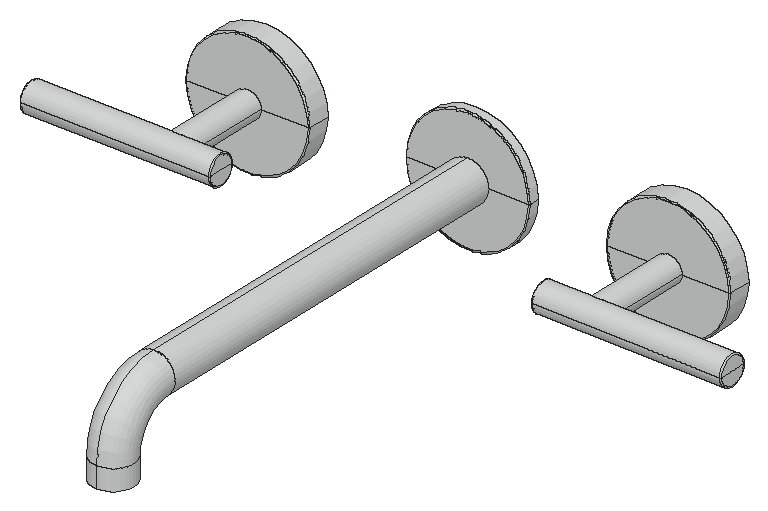
Revit family "TapSet_Wall_Nero_Mecca_BasinBath_220", category Plumbing Fixtures, Revit 2022
Family settings
  Round Connector Dimension = Use Diameter
  Part Type = Normal
  OmniClass Number = 23.31.11.19
  OmniClass Title = Faucet Mixing Valves
  Work Plane-Based = No
  Always vertical = Yes
  Cut with Voids When Loaded = Yes
  Maintain Annotation Orientation = No
  Shared = No
  Room Calculation Point = No
Parameters (values of type "Chrome (25D008CH)")
  Waste Connection = no
  WFU = 0
  Vent Connection = no
  Uniclass2015Version = "Products v1.35"
  Uniclass2015Title = "Taps and water supply outlet fittings"
  Uniclass2015Code = "Pr_40_20_87"
  URL = "https://nerotapware.com.au/"
  Type Comments = "Tap Set - Wall - Basin Bath - 220 - Chrome"
  ModifiedIssue = 20251009
  Model = "25D008CH"
  Material = Metal_Chrome_Nero
  ManufacturerURLProductSpecific = ""
  ManufacturerSpecCode = Model  # "25D008CH"
  ManufacturerOverallWidth = 340 mm  # constant formula
  ManufacturerOverallHeight = 65 mm  # constant formula
  ManufacturerOverallDepth = 230 mm  # constant formula
  Manufacturer = "Nero"
  IfcExportType = "MIXING"
  IfcExportAs = "IfcValve"
  HWFU = 0
  HW Connection = yes
  Description = "Mecca Wall Basin/Bath Set 220mm Spout Chrome"
  Default Elevation = 1050 mm
  CreatedByURL = "https://igsgroup.com.au"
  CreatedBy = "IGS BIM Solutions"  # constant formula
  CWFU = 0
  CW Connection = yes
  Assembly Code = "D2010"
Types (7, lengths in mm): name | Type Comments | Model | Material | ManufacturerSpecCode | Description
  Chrome (25D008CH) | "Tap Set - Wall - Basin Bath - 220 - Chrome" | "25D008CH" | Metal_Chrome_Nero | "25D008CH" | "Mecca Wall Basin/Bath Set 220mm Spout Chrome"
  Matte Black (25D008MB) | "Tap Set - Wall - Basin Bath - 220 - Matte Black" | "25D008MB" | Metal_MatteBlack_Nero | "25D008MB" | "Mecca Wall Basin/Bath Set 220mm Spout Matte Black"
  Brushed Nickel (25D008BN) | "Tap Set - Wall - Basin Bath - 220 - Brushed Nickel" | "25D008BN" | Metal_Nickel_Nero_Brushed | "25D008BN" | "Mecca Wall Basin/Bath Set 220mm Spout Brushed Nickel"
  Gun Metal (25D008GM) | "Tap Set - Wall - Basin Bath - 220 - Gun Metal" | "25D008GM" | Metal_GunMetal_Nero | "25D008GM" | "Mecca Wall Basin/Bath Set 220mm Spout Gun Metal"
  Brushed Gold (25D008BG) | "Tap Set - Wall - Basin Bath - 220 - Brushed Gold" | "25D008BG" | Metal_Gold_Nero_Brushed | "25D008BG" | "Mecca Wall Basin/Bath Set 220mm Spout Brushed Gold"
  Brushed Bronze (25D008BZ) | "Tap Set - Wall - Basin Bath - 220 - Brushed Bronze" | "25D008BZ" | Metal_Bronze_Nero_Brushed | "25D008BZ" | "Mecca Wall Basin/Bath Set 220mm Spout Brushed Bronze"
  Matte White (25D008MW) | "Tap Set - Wall - Basin Bath - 220 - Matte White" | "25D008MW" | Metal_MatteWhite_Nero | "25D008MW" | "Mecca Wall Basin/Bath Set 220mm Spout Matte White"
Reference planes
  plane 1 "Bottom": z = -35
  plane 2 "Center (Left/Right)": x = 0.115
  plane 3 "SpoutCenter (Top/Bottom)": z = 0
  plane 4 "Right": x = 170.115
  plane 5 "Left": x = -169.885
  plane 6 "Front": y = -159.038
  plane 7 "Back": y = 70.962
  plane 8 "Top": z = 30
Forms (mm)
  Extrusion 1, solid, material "Metal_Chrome_Nero" <- "Material"
    sketch origin (636.296, 70.962, -1185) x (1, 0, 0) y (0, 0, 1)
      loop
        circle (-534.181, 1185) r 6.35
      loop
        circle (-738.181, 1185) r 6.35
    from 0 to -1
  Extrusion 2, void
    sketch origin (636.296, 70.962, -1185) x (1, 0, 0) y (0, 0, 1)
      loop
        circle (-738.181, 1185) r 15
      loop
        circle (-534.181, 1185) r 15
    from 0 to -30
  Revolve 3, solid, material "Metal_Chrome_Nero" <- "Material"
    sketch origin (-129.77, 0, 0) x (1, 0, 0) y (0, 1, 0)
      loop
        line (99.885, 70.962) -> (99.885, 66.462)
        arc (99.885, 66.462) -> (100.031, 66.109) -> (100.385, 65.962) r 0.5
        line (100.385, 65.962) -> (129.885, 65.962) -> (129.885, 70.962) -> (99.885, 70.962)
      axis (129.885, 65.962) -> (129.885, 70.962)
    angle from 0 to 360
  Sweep 4, solid, material "Metal_Chrome_Nero" <- "Material"
    path origin (0.115, 74, 47.5) x (0, 1, 0) y (0, 0, 1)
      loop
        line (-3.038, -47.5) -> (-198.038, -47.5)
        arc (-198.038, -47.5) -> (-215.715, -54.822) -> (-223.038, -72.5) r 25
        line (-223.038, -72.5) -> (-223.038, -82.5)
    profile origin (0.115, -26.538, 0) x (0, 0, -1) y (1, 0, 0)
      loop
        circle (0, 0) r 10
  Revolve 5, solid, material "Metal_Chrome_Nero" <- "Material"
    sketch origin (28, 0, 0) x (1, 0, 0) y (0, 1, 0)
      loop
        line (-99.885, 70.962) -> (-129.885, 70.962) -> (-129.885, 13.962) -> (-123.385, 13.962) -> (-123.385, 59.962) -> (-100.385, 59.962)
        arc (-100.385, 59.962) -> (-100.031, 60.109) -> (-99.885, 60.462) r 0.5
        line (-99.885, 60.462) -> (-99.885, 70.962)
      axis (-129.885, 13.962) -> (-129.885, 70.962)
    angle from 0 to 360
  Revolve 6, solid, material "Metal_Chrome_Nero" <- "Material"
    sketch origin (28, 0, 0) x (1, 0, 0) y (0, 1, 0)
      loop
        line (-105.885, 13.962) -> (-105.885, 20.462)
        arc (-105.885, 20.462) -> (-106.031, 20.816) -> (-106.385, 20.962) r 0.5
        line (-106.385, 20.962) -> (-197.385, 20.962)
        arc (-197.385, 20.962) -> (-197.739, 20.816) -> (-197.885, 20.462) r 0.5
        line (-197.885, 20.462) -> (-197.885, 13.962) -> (-105.885, 13.962)
      axis (-105.885, 13.962) -> (-197.885, 13.962)
    angle from 0 to 360
  Revolve 7, solid, material "Metal_Chrome_Nero" <- "Material"
    sketch origin (-27.77, 0, 0) x (1, 0, 0) y (0, 1, 0)
      loop
        line (99.885, 70.962) -> (99.885, 60.462)
        arc (99.885, 60.462) -> (100.031, 60.109) -> (100.385, 59.962) r 0.5
        line (100.385, 59.962) -> (123.385, 59.962) -> (123.385, 13.962) -> (129.885, 13.962) -> (129.885, 70.962) -> (99.885, 70.962)
      axis (129.885, 13.962) -> (129.885, 70.962)
    angle from 0 to 360
  Revolve 8, solid, material "Metal_Chrome_Nero" <- "Material"
    sketch origin (-27.77, 0, 0) x (1, 0, 0) y (0, 1, 0)
      loop
        line (105.885, 13.962) -> (197.885, 13.962) -> (197.885, 20.462)
        arc (197.885, 20.462) -> (197.739, 20.816) -> (197.385, 20.962) r 0.5
        line (197.385, 20.962) -> (106.385, 20.962)
        arc (106.385, 20.962) -> (106.031, 20.816) -> (105.885, 20.462) r 0.5
        line (105.885, 20.462) -> (105.885, 13.962)
      axis (105.885, 13.962) -> (197.885, 13.962)
    angle from 0 to 360
Cuts and joins
  joined: Revolve 3, Sweep 4
  joined: Revolve 5, Revolve 6
  joined: Revolve 7, Revolve 8
Lines and regions (mm)
  Masking region 1
    outline origin (0, 0, 30) x (0, 1, 0) y (-1, 0, 0)
      loop
        line (70.962, 29.885) -> (66.462, 29.885)
        arc (66.462, 29.885) -> (66.109, 29.739) -> (65.962, 29.385) r 0.5
        line (65.962, 29.385) -> (65.962, 9.885) -> (-149.038, 9.885)
        arc (-149.038, 9.885) -> (-159.038, -0.115) -> (-149.038, -10.115) r 10
        line (-149.038, -10.115) -> (65.962, -10.115) -> (65.962, -29.615)
        arc (65.962, -29.615) -> (66.109, -29.969) -> (66.462, -30.115) r 0.5
        line (66.462, -30.115) -> (70.962, -30.115) -> (70.962, 29.885)
      loop
        line (70.962, 131.885) -> (60.462, 131.885)
        arc (60.462, 131.885) -> (60.109, 131.739) -> (59.962, 131.385) r 0.5
        line (59.962, 131.385) -> (59.962, 108.385) -> (20.962, 108.385) -> (20.962, 169.385)
        arc (20.962, 169.385) -> (20.816, 169.739) -> (20.462, 169.885) r 0.5
        line (20.462, 169.885) -> (7.462, 169.885)
        arc (7.462, 169.885) -> (7.109, 169.739) -> (6.962, 169.385) r 0.5
        line (6.962, 169.385) -> (6.962, 78.385)
        arc (6.962, 78.385) -> (7.109, 78.031) -> (7.462, 77.885) r 0.5
        line (7.462, 77.885) -> (20.462, 77.885)
        arc (20.462, 77.885) -> (20.816, 78.031) -> (20.962, 78.385) r 0.5
        line (20.962, 78.385) -> (20.962, 95.385) -> (59.962, 95.385) -> (59.962, 72.385)
        arc (59.962, 72.385) -> (60.109, 72.031) -> (60.462, 71.885) r 0.5
        line (60.462, 71.885) -> (70.962, 71.885) -> (70.962, 131.885)
      loop
        line (70.962, -132.115) -> (70.962, -72.115) -> (60.462, -72.115)
        arc (60.462, -72.115) -> (60.109, -72.261) -> (59.962, -72.615) r 0.5
        line (59.962, -72.615) -> (59.962, -95.615) -> (20.962, -95.615) -> (20.962, -78.615)
        arc (20.962, -78.615) -> (20.816, -78.261) -> (20.462, -78.115) r 0.5
        line (20.462, -78.115) -> (7.462, -78.115)
        arc (7.462, -78.115) -> (7.109, -78.261) -> (6.962, -78.615) r 0.5
        line (6.962, -78.615) -> (6.962, -169.615)
        arc (6.962, -169.615) -> (7.109, -169.969) -> (7.462, -170.115) r 0.5
        line (7.462, -170.115) -> (20.462, -170.115)
        arc (20.462, -170.115) -> (20.816, -169.969) -> (20.962, -169.615) r 0.5
        line (20.962, -169.615) -> (20.962, -108.615) -> (59.962, -108.615) -> (59.962, -131.615)
        arc (59.962, -131.615) -> (60.109, -131.969) -> (60.462, -132.115) r 0.5
        line (60.462, -132.115) -> (70.962, -132.115)
  symbolic lines, style "Taps/Mixers", detail levels medium+fine
    curve 1: line (-9.885, 65.962, 30) -> (10.115, 65.962, 30)
    curve 2: line (95.615, 59.962, 30) -> (108.615, 59.962, 30)
    curve 3: line (-108.385, 59.962, 30) -> (-95.385, 59.962, 30)
  symbolic lines, style "Taps/Mixers"
    curve 4: arc (-9.885, -159.038, 0) -> (0.115, -159.038, 10) -> (10.115, -159.038, 0) r 10
    curve 5: line (-108.385, 20.962, 30) -> (-95.385, 20.962, 30)
    curve 6: line (108.615, 20.962, 30) -> (95.615, 20.962, 30)
Text (mm)
  text "Disclaimer:\nDue to ongoing product development and manufacturing evolution, product details are subject to change without notice. Please refer to product technical data sheets on the manufacturers website for the most current product information. Please allow a +/- 5mm manufacturing tolerance for dimensions and set-outs shown in product literature." at (347.32, 148.915, 0), in view "Ref. Level"
Dimensions and locks
  equal spacing: plane 5 "Left", plane 2 "Center (Left/Right)", plane 4 "Right"
  "ManufacturerOverallWidth": plane 5 "Left" to plane 4 "Right"
  "ManufacturerOverallHeight": plane 8 "Top" to plane 1 "Bottom"
  "ManufacturerOverallDepth": plane 6 "Front" to plane 7 "Back"
Automatic sketch dimensions
  Revolve 3 sketch curve to Revolve 3 sketch curve = 4.5 mm
  Revolve 3 sketch curve to Revolve 3 sketch curve = 5 mm
  Revolve 3 sketch curve to Revolve 3 sketch curve = 13.414 mm
  Sweep 4 sketch curve to profile plane = 0 mm  (x2)
  Extrusion 1 sketch curve to Extrusion 1 sketch curve = 204 mm
  Extrusion 1 sketch curve to Extrusion 1 sketch curve = 0 mm
  Extrusion 2 sketch curve to Extrusion 2 sketch curve = 204 mm
  Extrusion 2 sketch curve to Extrusion 2 sketch curve = 0 mm
  Revolve 3 sketch curve to Revolve 3 sketch curve = 29.5 mm
  Revolve 3 sketch curve to Revolve 3 sketch curve = 1.586 mm
  Revolve 3 sketch curve to Revolve 3 sketch curve = 0 mm
  Sweep 4 sketch curve to Sweep 4 sketch curve = 25 mm
  Sweep 4 sketch curve to Sweep 4 sketch curve = 195 mm
  Sweep 4 sketch curve to Sweep 4 sketch curve = 10 mm
  Extrusion 1 sketch curve to level = 0 mm
  Extrusion 1 sketch curve to plane 5 "Left" = 68 mm
  Extrusion 2 sketch curve to level = 0 mm
  Extrusion 2 sketch curve to plane 5 "Left" = 68 mm
  plane 7 "Back" to Revolve 3 sketch curve = 0 mm
  Revolve 3 sketch curve to plane 2 "Center (Left/Right)" = 0 mm
  Sweep 4 sketch curve to plane 1 "Bottom" = 0 mm
  Sweep 4 sketch curve to plane 7 "Back" = 0 mm
  Masking region 1 sketch curve to plane 2 "Center (Left/Right)" = 0 mm
  plane 7 "Back" to Masking region 1 sketch curve = 0 mm  (x3)
  Masking region 1 sketch curve to Masking region 1 sketch curve = 4.5 mm
  plane 7 "Back" to Masking region 1 sketch curve = 4.5 mm
  Masking region 1 sketch curve to Masking region 1 sketch curve = 0.5 mm  (x8)
  plane 7 "Back" to Masking region 1 sketch curve = 5 mm
  Masking region 1 sketch curve to plane 6 "Front" = 10 mm
  plane 2 "Center (Left/Right)" to Masking region 1 sketch curve = 30 mm
  plane 2 "Center (Left/Right)" to Masking region 1 sketch curve = 10 mm
  Masking region 1 sketch curve to Masking region 1 sketch curve = 19.5 mm
  curve 4 to level = 0 mm
  curve 4 to plane 2 "Center (Left/Right)" = 0 mm
  plane 2 "Center (Left/Right)" to curve 4 = 10 mm
  plane 7 "Back" to Revolve 5 sketch curve = 0 mm
  Revolve 5 sketch curve to plane 5 "Left" = 68 mm
  Revolve 5 sketch curve to Revolve 5 sketch curve = 6.5 mm
  plane 7 "Back" to Revolve 5 sketch curve = 10.5 mm
  Revolve 5 sketch curve to Revolve 5 sketch curve = 23 mm
  Revolve 5 sketch curve to Revolve 5 sketch curve = 0.5 mm
  Revolve 5 sketch curve to Revolve 5 sketch curve = 46 mm
  Revolve 5 sketch curve to Revolve 5 sketch curve = 0 mm
  Revolve 5 sketch curve to Revolve 5 sketch curve = 7.414 mm
  Revolve 5 sketch curve to plane 7 "Back" = 1.586 mm
  Revolve 6 sketch curve to plane 5 "Left" = 0 mm
  Revolve 6 sketch curve to Revolve 6 sketch curve = 0.5 mm  (x2)
  Revolve 6 sketch curve to plane 2 "Center (Left/Right)" = 78.5 mm
  plane 7 "Back" to Revolve 6 sketch curve = 57 mm
  Revolve 6 sketch curve to Revolve 6 sketch curve = 6.5 mm
  Revolve 6 sketch curve to Revolve 6 sketch curve = 37.896 mm
  Revolve 6 sketch curve to Revolve 6 sketch curve = 0.115 mm
  Revolve 6 sketch curve to Revolve 6 sketch curve = 0 mm
  plane 7 "Back" to Revolve 7 sketch curve = 0 mm
  plane 2 "Center (Left/Right)" to Revolve 7 sketch curve = 72 mm
  Revolve 7 sketch curve to Revolve 7 sketch curve = 0.5 mm
  Revolve 7 sketch curve to Revolve 7 sketch curve = 23 mm
  Revolve 7 sketch curve to Revolve 7 sketch curve = 6.5 mm
  plane 7 "Back" to Revolve 7 sketch curve = 10.5 mm
  Revolve 7 sketch curve to Revolve 7 sketch curve = 46 mm
  Revolve 7 sketch curve to Revolve 7 sketch curve = 0 mm
  Revolve 7 sketch curve to Revolve 7 sketch curve = 7.414 mm
  Revolve 7 sketch curve to plane 7 "Back" = 1.586 mm
  Revolve 8 sketch curve to plane 4 "Right" = 0 mm
  Revolve 8 sketch curve to plane 4 "Right" = 0.5 mm
  plane 2 "Center (Left/Right)" to Revolve 8 sketch curve = 78.5 mm
  Revolve 8 sketch curve to Revolve 8 sketch curve = 0.5 mm
  plane 7 "Back" to Revolve 8 sketch curve = 57 mm
  Revolve 8 sketch curve to Revolve 8 sketch curve = 6.5 mm
  Revolve 8 sketch curve to Revolve 8 sketch curve = 37.896 mm
  Revolve 8 sketch curve to Revolve 8 sketch curve = 0.115 mm
  Revolve 8 sketch curve to Revolve 8 sketch curve = 0 mm
  Masking region 1 sketch curve to plane 4 "Right" = 0 mm
  Masking region 1 sketch curve to plane 5 "Left" = 0 mm
  plane 7 "Back" to Masking region 1 sketch curve = 64 mm  (x2)
  Masking region 1 sketch curve to plane 4 "Right" = 0.5 mm  (x2)
  Masking region 1 sketch curve to plane 5 "Left" = 0.5 mm
  Masking region 1 sketch curve to Masking region 1 sketch curve = 13 mm  (x6)
  Masking region 1 sketch curve to Masking region 1 sketch curve = 0 mm  (x2)
  plane 7 "Back" to Masking region 1 sketch curve = 11 mm  (x4)
  Masking region 1 sketch curve to plane 4 "Right" = 38 mm
  Masking region 1 sketch curve to Masking region 1 sketch curve = 23 mm  (x4)
  Masking region 1 sketch curve to Masking region 1 sketch curve = 17 mm
  Masking region 1 sketch curve to Masking region 1 sketch curve = 42 mm
  Masking region 1 sketch curve to Masking region 1 sketch curve = 5.5 mm
  plane 7 "Back" to curve 3 = 11 mm
  plane 7 "Back" to curve 2 = 11 mm
  curve 2 to plane 4 "Right" = 61.5 mm
  plane 7 "Back" to curve 1 = 5 mm
  curve 2 to curve 2 = 13 mm
  plane 2 "Center (Left/Right)" to curve 1 = 10 mm
  curve 1 to plane 2 "Center (Left/Right)" = 10 mm
  curve 3 to plane 5 "Left" = 74.5 mm
  curve 3 to curve 3 = 13 mm
  radius of Extrusion 1 sketch curve = 6.35 mm  (x2)
  radius of Extrusion 2 sketch curve = 15 mm  (x2)
  radius of Sweep 4 sketch curve = 10 mm
Connectors
  piping at (102.115, 71.962, 0), diameter 12.7, driven by "CW Connection"
    settings: on Extrusion 1, index 1, connector inside diameter 609.6 mm, connector length 0 mm, flow factor 0, pipe flow 0.0 L/s, pressure drop 0.0 Pa, fitting loss kfactor 0, connector angle 0.00°, fixture units 0, engagement length 0 mm, angle of deflection 0.00°, flow configuration 2, flow direction 1, fitting loss method 0, system type 20, joint type 0, gender type 0, connector reference index -1, connector utility 1, adjustable connector no, is connector primary yes, connector description "Cold Water Supply"
  piping at (-101.885, 71.962, 0), diameter 12.7, driven by "HW Connection"
    settings: on Extrusion 1, index 2, connector inside diameter 609.6 mm, connector length 0 mm, flow factor 0, pipe flow 0.0 L/s, pressure drop 0.0 Pa, fitting loss kfactor 0, connector angle 0.00°, fixture units 0, engagement length 0 mm, angle of deflection 0.00°, flow configuration 2, flow direction 1, fitting loss method 0, system type 19, joint type 0, gender type 0, connector reference index -1, connector utility 1, adjustable connector no, is connector primary no, connector description "Hot Water Supply"
